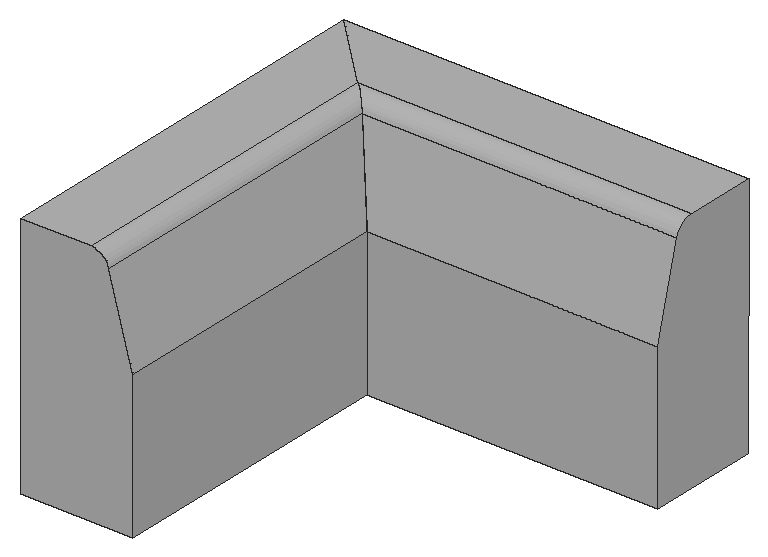
Revit family "K151 10x5 Internal Corner Kerb", category Generic Models, Revit 2020
Family settings
  Can host rebar = No
  Round Connector Dimension = Use Diameter
  Part Type = Normal
  Work Plane-Based = No
  Always vertical = Yes
  Cut with Voids When Loaded = No
  Shared = No
  Room Calculation Point = No
Parameters
  Weight = "49Kg"
  Warranty Guarantor Parts = "n/a"
  Warranty Guarantor Labour = "n/a"
  Warranty Duration Unit = "n/a"
  Warranty Duration Parts = "n/a"
  Warranty Duration Labour = "n/a"
  Warranty Description = "n/a"
  Unit Width [instance] = 116 mm
  Unit Length [instance] = 417 mm
  Unit Height [instance] = 254 mm
  URL = "www.killeshal.com"
  Types = "Single"
  Type Comments = "Visit our website for a full list of available products."
  Sustainability Performance = "n/a"
  Structural Class = "n/a"
  Span = "Unit Length"
  Slope = "0.00°"
  Size = "116mm x 254 with 150mm face. 417 x 417mm long."
  Shape = "As per drawing"
  Service Life = "0.000000"
  Serial Number = "n/a"
  Resistance to Fire = "n/a"
  Replacement Cost = "n/a"
  Reference = "n/a"
  Notified Body = "n/a"
  Nominal Cover to Main Bar = "n/a"
  Model = "K/151 Kerb"
  Mechanical Resistance = "n/a"
  Manufacturer = "Killeshal Precast Concrete Ltd."
  Load Bearing = no
  Life Cycle Environmental Load = "n/a"
  Length Options = "Stock size 417x417mm."
  Keynote = "The information contained is the sole property of KPC Ltd., any reproduction in part or whole without permission of KPC Ltd. is prohibited."
  Environmental Product Declaration = "n/a"
  Environmental Class = "n/a"
  Durability against Corrosion = "n/a"
  Dimension Accuracy Class = "n/a"
  Detailing = "As per design specification and product drawings."
  Description = "10\" x 5\" Internal Corner"
  Default Elevation = 0 mm
  Dangerous Substances = "n/a"
  Contact Tel = "0035357 9353018"
  Contact Email = "sales@killeshal.com"
  Construction Type = "Precast"
  Construction Tolerance Class = "n/a"
  Compressive Strength of Concrete = "n/a"
  Characteristics of Reinforcing Steel = "n/a"
  Characteristics Deflection Under Load = "n/a"
Reference planes
  plane 1 "Center (Front/Back)": y = 0
  plane 2: z = 0
  plane 3 "Center (Left/Right)": x = 0
  plane 4 "Rear": y = 58
  plane 5 "Front": y = -58
  plane 6 "Top": z = 254
  plane 7 "Center L/T": z = 150
  plane 8: x = 58
  plane 9: x = -58
  plane 10 "Angle Line 3": z = 239.9
  plane 11 "Angle Line 4": y = -33.8
  plane 12 "Angle Line 5": y = -15.4
  plane 13: x = 54
  plane 14 "Angle 2": y = -54
  plane 15: x = 30
Forms (mm)
  Extrusion 1, solid, material "Precast Concrete (KPC)"
    sketch origin (0, 0, 0) x (1, 0, 0) y (0, 0, 1)
      loop
        line (-58, 0) -> (58, 0) -> (58, 150) -> (33.745, 239.947)
        arc (33.745, 239.947) -> (26.954, 250.083) -> (15.4, 254) r 19
        line (15.4, 254) -> (-58, 254) -> (-58, 0)
    from -58 to 359
  Extrusion 2, solid, material "Precast Concrete (KPC)"
    sketch origin (0, 0, 0) x (0, 1, 0) y (0, 0, 1)
      loop
        line (58, 0) -> (58, 254) -> (-15.4, 254)
        arc (-15.4, 254) -> (-26.954, 250.083) -> (-33.745, 239.947) r 19
        line (-33.745, 239.947) -> (-58, 150) -> (-58, 0) -> (58, 0)
    from -58 to 359
  Extrusion 3, void
    sketch origin (0, 0, 0) x (1, 0, 0) y (0, 1, 0)
      loop
        line (-58, 58) -> (-58, -58) -> (58, -58) -> (-58, 58)
    from 0 to 254
  Extrusion 4, void
    sketch origin (200, 0, 0) x (1, 0, 0) y (0, 1, 0)
      loop
        line (-142, -58) -> (-142, 58) -> (-258, 58) -> (-142, -58)
    from 0 to 254
Cuts and joins
  Extrusion 3 cuts Extrusion 2
  Extrusion 4 cuts Extrusion 1
Dimensions and locks
  cut or joined group of Extrusion 1, Extrusion 4 to cut or joined group of Extrusion 2, Extrusion 3 = 417 mm
  "Unit Length": cut or joined group of Extrusion 2, Extrusion 3 to cut or joined group of Extrusion 1, Extrusion 4
  cut or joined group of Extrusion 1, Extrusion 4 to cut or joined group of Extrusion 2, Extrusion 3 = 301 mm  (x2)
  cut or joined group of Extrusion 1, Extrusion 4 to cut or joined group of Extrusion 1, Extrusion 4 = 116 mm
  cut or joined group of Extrusion 2, Extrusion 3 to cut or joined group of Extrusion 2, Extrusion 3 = 116 mm
  "Unit Width": cut or joined group of Extrusion 1, Extrusion 4 to cut or joined group of Extrusion 1, Extrusion 4
  "Unit Height": cut or joined group of Extrusion 1, Extrusion 4 to cut or joined group of Extrusion 1, Extrusion 4
  plane 7 "Center L/T" to cut or joined group of Extrusion 2, Extrusion 3 = 150 mm
  plane 9 to plane 15 = 88 mm
  aligned and locked: level to plane 2
Automatic sketch dimensions
  Extrusion 1 sketch curve to level = 0 mm
  plane 9 to Extrusion 1 sketch curve = 0 mm
  Extrusion 1 sketch curve to plane 6 "Top" = 0 mm
  Extrusion 1 sketch curve to plane 7 "Center L/T" = 0 mm
  plane 8 to Extrusion 1 sketch curve = 0 mm
  plane 15 to Extrusion 1 sketch curve = 14.6 mm
  plane 10 "Angle Line 3" to Extrusion 1 sketch curve = 0.047 mm
  Extrusion 1 sketch curve to plane 15 = 3.745 mm
  Extrusion 2 sketch curve to level = 0 mm
  Extrusion 2 sketch curve to plane 5 "Front" = 0 mm
  Extrusion 2 sketch curve to plane 6 "Top" = 0 mm
  Extrusion 2 sketch curve to plane 12 "Angle Line 5" = 0 mm
  Extrusion 2 sketch curve to plane 4 "Rear" = 0 mm
  Extrusion 2 sketch curve to plane 7 "Center L/T" = 0 mm
  plane 10 "Angle Line 3" to Extrusion 2 sketch curve = 0.047 mm
  plane 11 "Angle Line 4" to Extrusion 2 sketch curve = 0.055 mm
  Extrusion 3 sketch curve to plane 4 "Rear" = 0 mm
  Extrusion 3 sketch curve to plane 9 = 0 mm
  Extrusion 3 sketch curve to plane 5 "Front" = 0 mm
  Extrusion 3 sketch curve to plane 8 = 0 mm
  Extrusion 4 sketch curve to plane 4 "Rear" = 0 mm
  Extrusion 4 sketch curve to plane 9 = 0 mm
  Extrusion 4 sketch curve to plane 8 = 0 mm
  Extrusion 4 sketch curve to plane 5 "Front" = 0 mm
